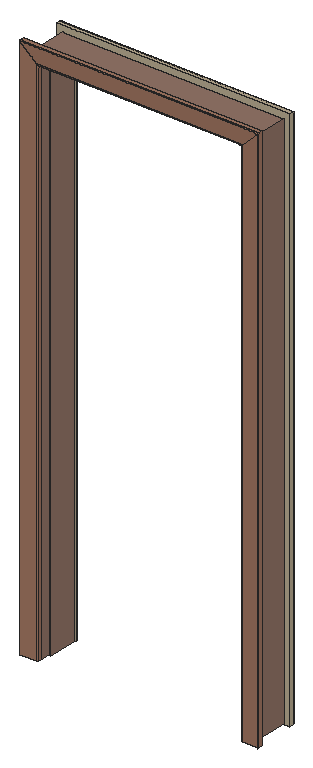
Revit family "Abertura com molduras", category Portas, Revit 2015
Parameters (values of type "80x210")
  Tipo de construção = "residêncial"
  Máscara da folha visível [instance] = no
  Moldura interna da porta [instance] = Teca
  Moldura externa da porta [instance] = Pinho de Óregon
  Moldura da porta = Tábua de fibra orientada
  Maçaneta da porta = Painel de metal
  Marco = Amendoeira
  Largura dos caixilhos = 10 cm
  Largura do caixilho inferior = 15 cm
  Largura bruta = Largura + (Espessura do Marco * 2)  # 87 cm
  Função = Interior
  Projeção da moldura externa = 2 cm
  Projeção da moldura interna = 2 cm
  Largura da moldura = 7 cm
  Folha da porta = Tábua de fibra orientada
  Espessura do Marco = 3.5 cm
  Espessura da folha interno = 1 cm
  Espessura = 3.5 cm
  Distância da maçaneta = 5 cm
  Autor = "Marco Rocha"
  Altura bruta = Altura + Espessura do Marco  # 213.5 cm
  Altura = 210 cm
  Fechamento da parede = Por hospedeiro
  Largura = 80 cm
Types (6, lengths in cm): name | Largura bruta | Espessura | Largura
  (no name) | 87 | 3.5 | 80
  60x210 | 67 | 3.5 | 60
  70x210 | 77 | 3.5 | 70
  80x210 | 87 | 3.5 | 80
  90x210 | 97 | 3.5 | 90
  100x210 | 107 | 4 | 100
Reference planes (cm)
  plane 1: y = 0
  plane 2 "Centro (Esquerda/Direita)": x = 0
  plane 3 "Esquerda": x = -40
  plane 4 "Direita": x = 40
  plane 5: z = 210
  plane 6 "Exterior": y = 7.5
  plane 7 "Interior": y = -7.5
  plane 8: x = -43.5
  plane 9: x = 43.5
  plane 10: z = 213.5
  plane 11: y = -4
  plane 12: x = 39
  plane 13: x = 36.5
  plane 14: y = -87.5
  plane 15: y = -80
Forms (cm)
  Extrusion 1, solid, material "Tábua de fibra orientada" <- "Moldura da porta", detail levels medium
    sketch origin (0, 7.5, 0) x (1, 0, 0) y (0, 0, 1)
      loop
        line (40, 210) -> (40, 0) -> (47, 0) -> (47, 217) -> (-47, 217) -> (-47, 0) -> (-40, 0) -> (-40, 210) -> (40, 210)
    from -2 to 0
  Extrusion 2, solid, material "Tábua de fibra orientada" <- "Moldura da porta", detail levels medium
    sketch origin (0, -7.5, 0) x (1, 0, 0) y (0, 0, -1)
      loop
        line (40, -210) -> (-40, -210) -> (-40, 0) -> (-47, 0) -> (-47, -217) -> (47, -217) -> (47, 0) -> (40, 0) -> (40, -210)
    from -2 to 0
  Sweep 3, solid, material "Amendoeira" <- "Marco", detail levels coarse+medium
    path in 3D
      loop
        line (43.5, 7.5, 0) -> (43.5, 7.5, 213.5) -> (-43.5, 7.5, 213.5) -> (-43.5, 7.5, 0)
    profile origin (43.5, 7.5, 106.75) x (0, 1, 0) y (-1, 0, 0)
      loop
        line (-15, 3.5) -> (-15, 0) -> (0, 0) -> (0, 3.5) -> (-15, 3.5)
  Sweep 4, solid, material "Amendoeira" <- "Marco", detail levels fine
    path in 3D
      loop
        line (43.5, 7.5, 0) -> (43.5, 7.5, 213.5) -> (-43.5, 7.5, 213.5) -> (-43.5, 7.5, 0)
    profile origin (43.5, 7.5, 106.75) x (0, 1, 0) y (-1, 0, 0)
      loop
        line (0, 0) -> (0, 4.5) -> (-11.5, 4.5) -> (-11.5, 3.5) -> (-15, 3.5) -> (-15, 0) -> (0, 0)
  Sweep 5, solid, material "Teca" <- "Moldura interna da porta", detail levels fine
    path in 3D
      loop
        line (40, -7.5, 0) -> (40, -7.5, 210) -> (-40, -7.5, 210) -> (-40, -7.5, 0)
    profile "Perfil Alisar : 7 x 2 cm" origin (-40, -7.5, 105) x (0, 1, 0) y (1, 0, 0)
      loop
        line (0, 0) -> (-1, 0)
        arc (-1, 0) -> (-1.3536, -0.1464) -> (-1.5, -0.5) r 0.5
        line (-1.5, -0.5) -> (-1.9793, -6.7308)
        arc (-1.9793, -6.7308) -> (-1.9135, -6.9199) -> (-1.73, -7) r 0.25
        line (-1.73, -7) -> (0, -7) -> (0, 0)
  Sweep 6, solid, material "Pinho de Óregon" <- "Moldura externa da porta", detail levels fine
    path in 3D
      loop
        line (39, 7.5, 0) -> (39, 7.5, 209) -> (-39, 7.5, 209) -> (-39, 7.5, 0)
    profile "Perfil Alisar : 7 x 2 cm" origin (39, 7.5, 104.5) x (0, 1, 0) y (-1, 0, 0)
      loop
        line (0, 0) -> (0, -7) -> (1.73, -7)
        arc (1.73, -7) -> (1.9135, -6.9199) -> (1.9793, -6.7308) r 0.25
        line (1.9793, -6.7308) -> (1.5, -0.5)
        arc (1.5, -0.5) -> (1.3536, -0.1464) -> (1, 0) r 0.5
        line (1, 0) -> (0, 0)
Lines and regions (cm)
  Opening 1
    outline origin (-305, -7.5, 0) x (1, 0, 0) y (0, 0, 1)
      loop
        line (348.5, 213.5) -> (261.5, 213.5) -> (261.5, 0) -> (348.5, 0) -> (348.5, 213.5)
  Masking region 1, visible <- "Máscara da folha visível", not visible, detail levels fine
    outline origin (0, 0, 0) x (0, -1, 0) y (1, 0, 0)
      loop
        line (82.5, 45) -> (82.5, 46) -> (81.5, 46) -> (81.5, 47) -> (80.8, 47) -> (80.8, 51) -> (67, 51) -> (67, 49) -> (79.2, 49) -> (79.2, 47) -> (78.5, 47) -> (78.5, 46) -> (77.5, 46) -> (77.5, 45) -> (82.5, 45)
  Masking region 2, detail levels coarse
    outline origin (0, 0, 0) x (1, 0, 0) y (0, 1, 0)
      loop
        line (-43.5, 7.5) -> (-43.5, -7.5) -> (-40, -7.5) -> (-40, 7.5) -> (-43.5, 7.5)
      loop
        line (40, 7.5) -> (40, -7.5) -> (43.5, -7.5) -> (43.5, 7.5) -> (40, 7.5)
  Masking region 3, detail levels coarse
    outline origin (0, 0, 0) x (0, 1, 0) y (0, 0, 1)
      loop
        line (7.5, 213.5) -> (-7.5, 213.5) -> (-7.5, 210) -> (7.5, 210) -> (7.5, 213.5)
  symbolic lines, style "Giro da elevação"
    curve 1: line (40, -7.5, 105) -> (-40, -7.5, 210)
    curve 2: line (40, -7.5, 105) -> (-40, -7.5, 0)
  symbolic lines, style "Puxador", not visible, detail levels fine
    curve 3: line (45, -82.5, 0) -> (45, -77.5, 0)
    curve 4: line (45, -77.5, 0) -> (46, -77.5, 0)
    curve 5: line (46, -77.5, 0) -> (46, -82.5, 0)
    curve 6: line (46, -82.5, 0) -> (45, -82.5, 0)
    curve 7: line (46, -78.5, 0) -> (47, -78.5, 0)
    curve 8: line (47, -78.5, 0) -> (47, -81.5, 0)
    curve 9: line (47, -81.5, 0) -> (46, -81.5, 0)
    curve 10: line (47, -80.8, 0) -> (51, -80.8, 0)
    curve 11: line (51, -80.8, 0) -> (51, -67, 0)
    curve 12: line (51, -67, 0) -> (49, -67, 0)
    curve 13: line (49, -67, 0) -> (49, -79.2, 0)
    curve 14: line (49, -79.2, 0) -> (47, -79.2, 0)
  sketch lines
    curve 15: line (43.5, 7.5, 0) -> (43.5, 7.5, 213.5)
    curve 16: line (43.5, 7.5, 213.5) -> (-43.5, 7.5, 213.5)
    curve 17: line (-43.5, 7.5, 213.5) -> (-43.5, 7.5, 0)
    curve 18: line (43.5, 7.5, 0) -> (43.5, 7.5, 213.5)
    curve 19: line (43.5, 7.5, 213.5) -> (-43.5, 7.5, 213.5)
    curve 20: line (-43.5, 7.5, 213.5) -> (-43.5, 7.5, 0)
    curve 21: line (-40, -7.5, 210) -> (-40, -7.5, 0)
    curve 22: line (40, -7.5, 210) -> (-40, -7.5, 210)
    curve 23: line (40, -7.5, 0) -> (40, -7.5, 210)
    curve 24: line (39, 7.5, 0) -> (39, 7.5, 209)
    curve 25: line (39, 7.5, 209) -> (-39, 7.5, 209)
    curve 26: line (-39, 7.5, 209) -> (-39, 7.5, 0)
Text (cm)
  text "Exterior" at (-229.5016, 109.9543, 0), in view "Nível de referência"
  text "Exterior" at (0, 161.538, 369.8081), in view "Esquerda"
  text "Exterior" at (0, 103.6032, 387.4932), in view "Direita"
Dimensions and locks (cm)
  equal spacing: plane 3 "Esquerda", plane 2 "Centro (Esquerda/Direita)", plane 4 "Direita"
  "Largura": plane 3 "Esquerda" to plane 4 "Direita"
  "Altura": plane 5 to host wall
  equal spacing: host wall, curve 2, plane 5
  host wall to plane 10 = 213.5 cm
  locked: plane 6 "Exterior" to host wall at 0
  locked: plane 7 "Interior" to host wall
  "Espessura do Marco": plane 8 to plane 3 "Esquerda"
  "Espessura do Marco": plane 4 "Direita" to plane 9
  "Espessura do Marco": plane 10 to plane 5
  "Espessura": plane 7 "Interior" to plane 11
  locked: plane 12 to plane 4 "Direita" at 1
  "Largura": plane 14 to plane 7 "Interior"
  "Largura da moldura": Extrusion 1 sketch curve to Extrusion 1 sketch curve  (x3)
  "Projeção da moldura externa": plane 6 "Exterior" to Extrusion 1
  "Largura da moldura": Extrusion 2 sketch curve to Extrusion 2 sketch curve  (x3)
  "Projeção da moldura interna": Extrusion 2 to plane 7 "Interior"
  aligned and locked: plane 5 to curve 1
  aligned and locked: plane 3 "Esquerda" to curve 2
  aligned and locked: plane 1 to host wall
  aligned and locked: plane 3 "Esquerda" to curve 1
  aligned and locked: plane 4 "Direita" to Extrusion 1 sketch curve
  aligned and locked: plane 5 to Extrusion 1 sketch curve
  aligned and locked: plane 3 "Esquerda" to Extrusion 1 sketch curve
  aligned and locked: Extrusion 1 sketch curve to level
  aligned and locked: level to Extrusion 1 sketch curve
  aligned and locked: Extrusion 1 to host wall
  aligned and locked: Extrusion 2 to plane 7 "Interior"
  aligned and locked: plane 10 to Opening 1 sketch curve
  aligned and locked: Opening 1 sketch curve to plane 9
  aligned and locked: Extrusion 1 to Opening 1 sketch curve
  aligned and locked: plane 8 to Opening 1 sketch curve
  aligned and locked: Sweep 3 sketch curve to plane 4 "Direita"
  aligned and locked: Sweep 3 sketch curve to plane 9
  aligned and locked: Sweep 3 sketch curve to plane 6 "Exterior"
  aligned and locked: Sweep 3 sketch curve to plane 7 "Interior"
  aligned and locked: Sweep 4 sketch curve to plane 9
  aligned and locked: Sweep 4 sketch curve to plane 6 "Exterior"
  aligned and locked: Sweep 4 sketch curve to plane 12
  aligned and locked: Sweep 4 sketch curve to plane 11
  aligned and locked: plane 4 "Direita" to Sweep 4 sketch curve
  aligned and locked: plane 7 "Interior" to Sweep 4 sketch curve
  aligned and locked: plane 3 "Esquerda" to Masking region 2 sketch curve
  aligned and locked: Masking region 2 sketch curve to plane 8
  aligned and locked: plane 6 "Exterior" to Masking region 2 sketch curve  (x2)
  aligned and locked: Masking region 2 sketch curve to plane 7 "Interior"  (x2)
  aligned and locked: plane 9 to Masking region 2 sketch curve
  aligned and locked: Masking region 2 sketch curve to plane 4 "Direita"
  aligned and locked: Masking region 3 sketch curve to plane 10
  aligned and locked: Masking region 3 sketch curve to plane 7 "Interior"
  aligned and locked: plane 6 "Exterior" to Masking region 3 sketch curve
  aligned and locked: Masking region 3 sketch curve to plane 5
Automatic sketch dimensions
  Masking region 1 sketch curve to Masking region 1 sketch curve = 1 cm  (x6)
  Masking region 1 sketch curve to Masking region 1 sketch curve = 2 cm
  Masking region 1 sketch curve to Masking region 1 sketch curve = 0.7 cm  (x2)
  Masking region 1 sketch curve to Masking region 1 sketch curve = 1.6 cm
  Masking region 1 sketch curve to Masking region 1 sketch curve = 10.5 cm
  plane 15 to Masking region 1 sketch curve = 2.5 cm
  Masking region 1 sketch curve to Masking region 1 sketch curve = 3 cm
  curve 2 to level = 0 cm
  plane 4 "Direita" to curve 2 = 0 cm
  Extrusion 2 sketch curve to level = 0 cm  (x2)
  plane 3 "Esquerda" to Extrusion 2 sketch curve = 0 cm
  plane 4 "Direita" to Extrusion 2 sketch curve = 0 cm
  Extrusion 2 sketch curve to plane 5 = 0 cm
